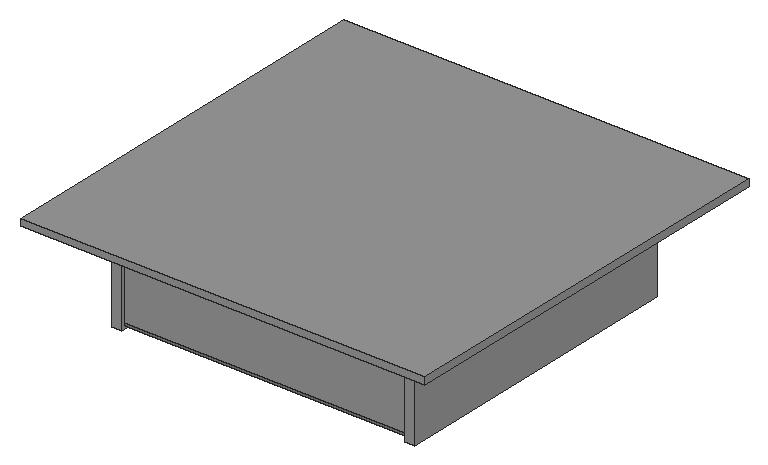
Revit family "Berica 2.0 M", category Lighting Fixtures, Revit 2020 (continued)
Definition of nested family "Light Source Berica 2.0"
  Types (4, lengths in mm): name | Photometric Web File | built-in parameter 1150142
      \n18.03 19.57 21.24 22.86 24.67 26.42 28.34 30.28 32.30 \r\n34.37 36.36 38.76 40.78 43.08 45.35 47.74 49.92 52.52 \r\n54.66 57.02 59.54 61.66 64.31 66.32 68.66 70.85 73.04 \r\n74.99 77.16 78.97 81.05 82.81 84.70 86.45 88.04 89.67 \r\n91.25 92.81 94.26 95.79 97.05 98.46 99.55 100.85 102.13 \r\n103.26 104.40 105.45 106.34 107.21 108.06 108.93 109.79 \r\n110.47 111.09 111.72 112.25 112.73 113.36 113.81 114.34 \r\n114.61 114.94 115.26 115.59 115.93 116.17 116.45 116.58 \r\n116.66 116.68 116.69 \r\n116.69 116.71 116.67 116.55 116.39 116.16 115.88 115.53 \r\n115.21 114.85 114.59 114.18 113.79 113.21 112.62 112.12 \r\n111.58 110.94 110.38 109.61 108.85 108.01 107.16 106.29 \r\n105.38 104.30 103.21 102.05 100.65 99.44 98.00 96.73 \r\n95.15 93.65 92.09 90.58 88.93 87.40 85.74 84.06 82.43 \r\n80.56 78.95 76.94 75.15 73.07 71.14 69.06 67.09 64.93 \r\n62.79 60.60 58.19 55.92 53.47 51.41 48.85 46.60 44.15 \r\n41.79 39.24 37.14 34.63 32.30 29.95 27.72 25.63 23.45 \r\n21.48 19.54 17.60 15.75 14.11 12.27 10.86 9.21 7.94 6.65 \r\n5.76 4.95 4.27 3.58 3.04 2.47 1.92 1.42 0.95 0.57 0.27 \r\n0.11 0.07 0.11 0.27 0.57 0.95 1.42 1.92 2.47 3.04 3.58 \r\n4.27 4.95 5.76 6.65 7.94 9.21 10.86 12.27 14.11 15.75 \r\n17.60 19.54 21.48 23.45 25.63 27.72 29.95 32.30 34.63 \r\n37.14 39.24 41.79 44.15 46.60 48.85 51.41 53.47 55.92 \r\n58.19 60.60 62.79 64.93 67.09 69.06 71.14 73.07 75.15 \r\n76.94 78.95 80.56 82.43 84.06 85.74 87.40 88.93 90.58 \r\n92.09 93.65 95.15 96.73 98.00 99.44 100.65 102.05 103.21 \r\n104.30 105.38 106.29 107.16 108.01 108.85 109.61 110.38 \r\n110.94 111.58 112.12 112.62 113.21 113.79 114.18 114.59 \r\n114.85 115.21 115.53 115.88 116.16 116.39 116.55 116.67 \r\n116.71 116.69 \r\n116.69 116.65 116.57 116.49 116.30 116.09 115.77 115.46 \r\n115.11 114.77 114.38 114.05 113.62 113.07 112.46 111.87 \r\n111.30 110.64 109.98 109.32 108.53 107.56 106.68 105.61 \r\n104.72 103.61 102.65 101.54 100.35 99.09 97.91 96.63 \r\n95.30 94.04 92.54 91.22 89.61 88.35 86.94 85.46 83.88 \r\n82.38 80.81 79.15 77.42 75.57 73.81 71.68 69.80 67.53 \r\n65.41 63.10 60.77 58.16 55.88 53.35 50.72 47.97 45.13 \r\n42.44 39.48 36.70 33.65 30.71 27.56 24.79 21.54 18.82 \r\n15.68 12.72 9.98 8.13 6.89 5.99 5.26 4.60 3.97 3.35 2.85 \r\n2.36 2.02 1.68 1.38 1.09 0.83 0.56 0.35 0.18 0.09 0.05 \r\n0.05 0.05 0.09 0.18 0.35 0.56 0.83 1.09 1.38 1.68 2.02 \r\n2.36 2.85 3.35 3.97 4.60 5.26 5.99 6.89 8.13 9.98 12.72 \r\n15.68 18.82 21.54 24.79 27.56 30.71 33.65 36.70 39.48 \r\n42.44 45.13 47.97 50.72 53.35 55.88 58.16 60.77 63.10 \r\n65.41 67.53 69.80 71.68 73.81 75.57 77.42 79.15 80.81 \r\n82.38 83.88 85.46 86.94 88.35 89.61 91.22 92.54 94.04 \r\n95.30 96.63 97.91 99.09 100.35 101.54 102.65 103.61 \r\n104.72 105.61 106.68 107.56 108.53 109.32 109.98 110.64 \r\n111.30 111.87 112.46 113.07 113.62 114.05 114.38 114.77 \r\n115.11 115.46 115.77 116.09 116.30 116.49 116.57 116.65 \r\n116.69 \r\n116.69 116.63 116.62 116.49 116.34 116.05 115.73 115.43 \r\n115.04 114.76 114.34 113.98 113.53 112.92 112.19 111.53 \r\n110.81 110.07 109.42 108.61 107.82 107.10 106.22 105.52 \r\n104.72 103.88 103.00 102.08 101.04 99.96 98.92 97.84 \r\n96.62 95.38 94.26 93.05 91.75 90.57 89.27 87.94 86.57 \r\n85.15 83.66 82.02 80.40 78.75 76.91 75.05 73.06 70.79 \r\n68.50 65.91 63.12 60.13 56.95 53.67 49.90 45.80 41.71 \r\n36.85 32.05 27.00 21.35 16.35 11.75 9.01 7.27 6.24 5.51 \r\n4.88 4.26 3.74 3.22 2.72 2.27 1.85 1.49 1.27 1.11 0.96 \r\n0.82 0.68 0.56 0.44 0.33 0.23 0.14 0.08 0.05 0.04 0.04 \r\n0.04 0.05 0.08 0.14 0.23 0.33 0.44 0.56 0.68 0.82 0.96 \r\n1.11 1.27 1.49 1.85 2.27 2.72 3.22 3.74 4.26 4.88 5.51 \r\n6.24 7.27 9.01 11.75 16.35 21.35 27.00 32.05 36.85 41.71 \r\n45.80 49.90 53.67 56.95 60.13 63.12 65.91 68.50 70.79 \r\n73.06 75.05 76.91 78.75 80.40 82.02 83.66 85.15 86.57 \r\n87.94 89.27 90.57 91.75 93.05 94.26 95.38 96.62 97.84 \r\n98.92 99.96 101.04 102.08 103.00 103.88 104.72 105.52 \r\n106.22 107.10 107.82 108.61 109.42 110.07 110.81 111.53 \r\n112.19 112.92 113.53 113.98 114.34 114.76 115.04 115.43 \r\n115.73 116.05 116.34 116.49 116.62 116.63 116.69 \r\n116.69 116.63 116.55 116.43 116.26 115.93 115.72 115.33 \r\n114.99 114.64 114.20 113.77 113.16 112.51 111.71 110.91 \r\n110.20 109.60 109.04 108.50 107.89 107.27 106.59 105.83 \r\n105.17 104.50 103.76 103.04 102.21 101.39 100.58 99.61 \r\n98.63 97.56 96.51 95.51 94.43 93.30 92.26 91.09 89.93 \r\n88.68 87.16 85.63 84.09 82.00 79.96 77.47 74.67 71.47 \r\n67.68 63.69 58.72 53.06 46.93 39.77 32.35 24.97 17.18 \r\n11.54 8.32 6.55 5.56 4.90 4.33 3.87 3.41 3.01 2.64 2.25 \r\n1.87 1.50 1.17 0.84 0.65 0.59 0.54 0.49 0.43 0.38 0.33 \r\n0.28 0.23 0.18 0.14 0.09 0.06 0.04 0.03 0.03 0.03 0.03 \r\n0.03 0.04 0.06 0.09 0.14 0.18 0.23 0.28 0.33 0.38 0.43 \r\n0.49 0.54 0.59 0.65 0.84 1.17 1.50 1.87 2.25 2.64 3.01 \r\n3.41 3.87 4.33 4.90 5.56 6.55 8.32 11.54 17.18 24.97 \r\n32.35 39.77 46.93 53.06 58.72 63.69 67.68 71.47 74.67 \r\n77.47 79.96 82.00 84.09 85.63 87.16 88.68 89.93 91.09 \r\n92.26 93.30 94.43 95.51 96.51 97.56 98.63 99.61 100.58 \r\n101.39 102.21 103.04 103.76 104.50 105.17 105.83 106.59 \r\n107.27 107.89 108.50 109.04 109.60 110.20 110.91 111.71 \r\n112.51 113.16 113.77 114.20 114.64 114.99 115.33 115.72 \r\n115.93 116.26 116.43 116.55 116.63 116.69 \r\n116.69 116.62 116.56 116.47 116.29 116.01 115.73 115.39 \r\n115.04 114.57 114.10 113.57 112.85 112.07 111.42 110.80 \r\n110.35 109.81 109.35 108.86 108.27 107.76 107.23 106.64 \r\n106.08 105.53 104.99 104.46 103.74 103.10 102.39 101.69 \r\n100.93 100.22 99.35 98.67 97.76 96.77 95.74 94.49 93.20 \r\n91.57 89.76 87.44 84.71 81.16 77.45 71.92 66.74 59.54 \r\n51.12 42.00 32.35 23.40 14.95 10.42 7.97 6.70 5.69 5.09 \r\n4.47 4.01 3.54 3.15 2.81 2.43 2.08 1.72 1.34 1.01 0.64 \r\n0.38 0.33 0.30 0.28 0.25 0.23 0.21 0.18 0.16 0.13 0.11 \r\n0.09 0.07 0.05 0.04 0.03 0.03 0.03 0.03 0.03 0.03 0.03 \r\n0.03 0.03 0.04 0.05 0.07 0.09 0.11 0.13 0.16 0.18 0.21 \r\n0.23 0.25 0.28 0.30 0.33 0.38 0.64 1.01 1.34 1.72 2.08 \r\n2.43 2.81 3.15 3.54 4.01 4.47 5.09 5.69 6.70 7.97 10.42 \r\n14.95 23.40 32.35 42.00 51.12 59.54 66.74 71.92 77.45 \r\n81.16 84.71 87.44 89.76 91.57 93.20 94.49 95.74 96.77 \r\n97.76 98.67 99.35 100.22 100.93 101.69 102.39 103.10 \r\n103.74 104.46 104.99 105.53 106.08 106.64 107.23 107.76 \r\n108.27 108.86 109.35 109.81 110.35 110.80 111.42 112.07 \r\n112.85 113.57 114.10 114.57 115.04 115.39 115.73 116.01 \r\n116.29 116.47 116.56 116.62 116.69 \r\n116.69 116.60 116.47 116.41 116.18 115.96 115.66 115.30 \r\n114.83 114.32 113.70 113.02 112.31 111.84 111.42 110.99 \r\n110.58 110.13 109.70 109.30 108.93 108.48 108.17 107.77 \r\n107.27 106.83 106.43 106.02 105.55 105.12 104.68 104.22 \r\n103.66 103.04 102.33 101.63 100.58 99.35 97.97 96.13 \r\n93.83 90.79 86.53 81.80 75.48 67.29 57.92 47.39 36.46 \r\n25.49 17.25 11.37 8.85 7.28 6.35 5.60 5.00 4.48 4.04 3.62 \r\n3.22 2.86 2.50 2.16 1.76 1.43 1.09 0.71 0.37 0.19 0.17 \r\n0.15 0.14 0.13 0.12 0.11 0.10 0.09 0.07 0.06 0.05 0.04 \r\n0.04 0.03 0.03 0.02 0.02 0.02 0.02 0.02 0.02 0.02 0.02 \r\n0.02 0.02 0.02 0.03 0.03 0.04 0.04 0.05 0.06 0.07 0.09 \r\n0.10 0.11 0.12 0.13 0.14 0.15 0.17 0.19 0.37 0.71 1.09 \r\n1.43 1.76 2.16 2.50 2.86 3.22 3.62 4.04 4.48 5.00 5.60 \r\n6.35 7.28 8.85 11.37 17.25 25.49 36.46 47.39 57.92 67.29 \r\n75.48 81.80 86.53 90.79 93.83 96.13 97.97 99.35 100.58 \r\n101.63 102.33 103.04 103.66 104.22 104.68 105.12 105.55 \r\n106.02 106.43 106.83 107.27 107.77 108.17 108.48 108.93 \r\n109.30 109.70 110.13 110.58 110.99 111.42 111.84 112.31 \r\n113.02 113.70 114.32 114.83 115.30 115.66 115.96 116.18 \r\n116.41 116.47 116.60 116.69 \r\n116.69 116.60 116.50 116.33 116.13 115.94 115.68 115.25 \r\n114.78 114.14 113.34 112.75 112.35 112.00 111.68 111.35 \r\n110.97 110.63 110.29 109.91 109.67 109.48 109.24 108.94 \r\n108.71 108.42 108.14 107.90 107.67 107.44 107.19 106.79 \r\n106.28 105.57 104.65 103.44 101.74 99.56 96.61 92.51 \r\n87.30 79.93 71.25 59.36 46.91 34.69 23.08 15.32 10.60 \r\n8.55 7.41 6.49 5.75 5.17 4.64 4.21 3.81 3.42 3.09 2.72 \r\n2.37 2.02 1.66 1.31 0.93 0.52 0.22 0.08 0.07 0.07 0.06 \r\n0.06 0.05 0.05 0.04 0.04 0.04 0.03 0.03 0.03 0.02 0.02 \r\n0.02 0.02 0.02 0.02 0.02 0.02 0.02 0.02 0.02 0.02 0.02 \r\n0.02 0.02 0.02 0.02 0.02 0.02 0.02 0.02 0.03 0.03 0.03 \r\n0.04 0.04 0.04 0.05 0.05 0.06 0.06 0.07 0.07 0.08 0.22 \r\n0.52 0.93 1.31 1.66 2.02 2.37 2.72 3.09 3.42 3.81 4.21 \r\n4.64 5.17 5.75 6.49 7.41 8.55 10.60 15.32 23.08 34.69 \r\n46.91 59.36 71.25 79.93 87.30 92.51 96.61 99.56 101.74 \r\n103.44 104.65 105.57 106.28 106.79 107.19 107.44 107.67 \r\n107.90 108.14 108.42 108.71 108.94 109.24 109.48 109.67 \r\n109.91 110.29 110.63 110.97 111.35 111.68 112.00 112.35 \r\n112.75 113.34 114.14 114.78 115.25 115.68 115.94 116.13 \r\n116.33 116.50 116.60 116.69 \r\n116.69 116.56 116.43 116.25 116.08 115.83 115.53 115.14 \r\n114.47 113.77 113.13 112.69 112.39 112.14 111.91 111.67 \r\n111.39 111.11 110.92 110.74 110.56 110.46 110.36 110.28 \r\n110.21 110.13 110.07 109.99 109.89 109.72 109.39 108.84 \r\n108.06 106.82 105.02 102.67 99.00 93.97 87.21 77.89 66.81 \r\n52.21 39.47 26.49 17.13 11.72 9.12 7.88 6.92 6.16 5.53 \r\n4.99 4.53 4.11 3.71 3.37 3.03 2.70 2.36 2.00 1.64 1.29 \r\n0.92 0.50 0.20 0.03 0.03 0.02 0.02 0.02 0.02 0.02 0.02 \r\n0.02 0.02 0.02 0.02 0.02 0.02 0.02 0.02 0.02 0.02 0.02 \r\n0.02 0.02 0.01 0.01 0.01 0.01 0.01 0.01 0.01 0.01 0.01 \r\n0.02 0.02 0.02 0.02 0.02 0.02 0.02 0.02 0.02 0.02 0.02 \r\n0.02 0.02 0.02 0.02 0.02 0.02 0.02 0.02 0.03 0.03 0.20 \r\n0.50 0.92 1.29 1.64 2.00 2.36 2.70 3.03 3.37 3.71 4.11 \r\n4.53 4.99 5.53 6.16 6.92 7.88 9.12 11.72 17.13 26.49 \r\n39.47 52.21 66.81 77.89 87.21 93.97 99.00 102.67 105.02 \r\n106.82 108.06 108.84 109.39 109.72 109.89 109.99 110.07 \r\n110.13 110.21 110.28 110.36 110.46 110.56 110.74 110.92 \r\n111.11 111.39 111.67 111.91 112.14 112.39 112.69 113.13 \r\n113.77 114.47 115.14 115.53 115.83 116.08 116.25 116.43 \r\n116.56 116.69 \r\n116.69 116.58 116.45 116.25 116.07 115.88 115.51 115.00 \r\n114.32 113.56 113.15 112.79 112.56 112.39 112.20 112.04 \r\n111.89 111.82 111.71 111.70 111.67 111.63 111.68 111.77 \r\n111.89 111.93 111.95 111.93 111.86 111.55 110.96 109.91 \r\n108.44 105.76 102.28 97.15 89.35 78.73 65.30 51.42 36.24 \r\n23.30 15.19 10.73 8.78 7.69 6.81 6.10 5.49 4.97 4.50 4.11 \r\n3.73 3.43 3.08 2.74 2.40 2.07 1.71 1.36 1.01 0.58 0.28 \r\n0.03 0.02 0.02 0.02 0.02 0.02 0.02 0.02 0.02 0.01 0.01 \r\n0.01 0.01 0.01 0.01 0.01 0.01 0.01 0.01 0.01 0.01 0.01 \r\n0.01 0.01 0.01 0.01 0.01 0.01 0.01 0.01 0.01 0.01 0.01 \r\n0.01 0.01 0.01 0.01 0.01 0.01 0.01 0.01 0.01 0.01 0.01 \r\n0.01 0.01 0.02 0.02 0.02 0.02 0.02 0.02 0.02 0.02 0.03 \r\n0.28 0.58 1.01 1.36 1.71 2.07 2.40 2.74 3.08 3.43 3.73 \r\n4.11 4.50 4.97 5.49 6.10 6.81 7.69 8.78 10.73 15.19 23.30 \r\n36.24 51.42 65.30 78.73 89.35 97.15 102.28 105.76 108.44 \r\n109.91 110.96 111.55 111.86 111.93 111.95 111.93 111.89 \r\n111.77 111.68 111.63 111.67 111.70 111.71 111.82 111.89 \r\n112.04 112.20 112.39 112.56 112.79 113.15 113.56 114.32 \r\n115.00 115.51 115.88 116.07 116.25 116.45 116.58 116.69 \r\n116.69 116.59 116.41 116.27 115.99 115.77 115.38 114.81 \r\n114.05 113.55 113.19 112.90 112.73 112.59 112.53 112.51 \r\n112.44 112.50 112.51 112.57 112.69 112.83 113.00 113.20 \r\n113.36 113.51 113.66 113.60 113.22 112.53 111.24 109.26 \r\n105.96 101.32 93.17 83.38 69.97 54.06 39.82 24.39 16.09 \r\n11.08 9.07 7.90 7.02 6.23 5.62 5.06 4.63 4.20 3.85 3.52 \r\n3.19 2.88 2.53 2.20 1.86 1.53 1.15 0.75 0.41 0.13 0.02 \r\n0.02 0.02 0.02 0.01 0.01 0.01 0.01 0.01 0.01 0.01 0.01 \r\n0.01 0.01 0.01 0.01 0.01 0.01 0.01 0.01 0.01 0.01 0.01 \r\n0.01 0.01 0.01 0.01 0.01 0.01 0.01 0.01 0.01 0.01 0.01 \r\n0.01 0.01 0.01 0.01 0.01 0.01 0.01 0.01 0.01 0.01 0.01 \r\n0.01 0.01 0.01 0.01 0.01 0.01 0.01 0.01 0.02 0.02 0.02 \r\n0.02 0.13 0.41 0.75 1.15 1.53 1.86 2.20 2.53 2.88 3.19 \r\n3.52 3.85 4.20 4.63 5.06 5.62 6.23 7.02 7.90 9.07 11.08 \r\n16.09 24.39 39.82 54.06 69.97 83.38 93.17 101.32 105.96 \r\n109.26 111.24 112.53 113.22 113.60 113.66 113.51 113.36 \r\n113.20 113.00 112.83 112.69 112.57 112.51 112.50 112.44 \r\n112.51 112.53 112.59 112.73 112.90 113.19 113.55 114.05 \r\n114.81 115.38 115.77 115.99 116.27 116.41 116.59 116.69 \r\n116.69 116.64 116.43 116.22 116.04 115.71 115.25 114.63 \r\n113.96 113.53 113.31 113.10 112.98 112.94 112.89 112.93 \r\n113.01 113.12 113.25 113.45 113.71 113.98 114.25 114.53 \r\n114.79 114.92 114.89 114.64 113.82 112.43 110.09 106.22 \r\n100.11 90.85 79.44 63.51 46.90 30.10 18.92 12.50 9.81 \r\n8.36 7.43 6.62 5.88 5.29 4.81 4.41 4.03 3.70 3.37 3.04 \r\n2.71 2.41 2.06 1.73 1.37 1.03 0.59 0.35 0.06 0.02 0.01 \r\n0.01 0.01 0.01 0.01 0.01 0.01 0.01 0.01 0.01 0.01 0.01 \r\n0.01 0.01 0.01 0.01 0.01 0.01 0.01 0.01 0.01 0.01 0.01 \r\n0.01 0.01 0.01 0.01 0.01 0.01 0.01 0.01 0.01 0.01 0.01 \r\n0.01 0.01 0.01 0.01 0.01 0.01 0.01 0.01 0.01 0.01 0.01 \r\n0.01 0.01 0.01 0.01 0.01 0.01 0.01 0.01 0.01 0.01 0.01 \r\n0.01 0.02 0.06 0.35 0.59 1.03 1.37 1.73 2.06 2.41 2.71 \r\n3.04 3.37 3.70 4.03 4.41 4.81 5.29 5.88 6.62 7.43 8.36 \r\n9.81 12.50 18.92 30.10 46.90 63.51 79.44 90.85 100.11 \r\n106.22 110.09 112.43 113.82 114.64 114.89 114.92 114.79 \r\n114.53 114.25 113.98 113.71 113.45 113.25 113.12 113.01 \r\n112.93 112.89 112.94 112.98 113.10 113.31 113.53 113.96 \r\n114.63 115.25 115.71 116.04 116.22 116.43 116.64 116.69 \r\n116.69 116.61 116.42 116.28 116.04 115.65 115.15 114.41 \r\n113.78 113.55 113.35 113.23 113.17 113.17 113.20 113.36 \r\n113.52 113.67 113.93 114.24 114.54 114.89 115.28 115.62 \r\n115.94 115.97 115.70 115.09 113.67 111.22 106.88 100.55 \r\n90.82 76.66 60.84 42.36 27.58 16.68 11.36 9.30 8.14 7.22 \r\n6.42 5.72 5.17 4.70 4.27 3.94 3.61 3.28 2.97 2.64 2.33 \r\n2.00 1.64 1.33 0.95 0.55 0.32 0.04 0.02 0.01 0.01 0.01 \r\n0.01 0.01 0.01 0.01 0.01 0.01 0.01 0.01 0.01 0.01 0.01 \r\n0.01 0.01 0.01 0.01 0.01 0.01 0.01 0.01 0.01 0.01 0.01 \r\n0.01 0.01 0.01 0.01 0.01 0.01 0.01 0.01 0.01 0.01 0.01 \r\n0.01 0.01 0.01 0.01 0.01 0.01 0.01 0.01 0.01 0.01 0.01 \r\n0.01 0.01 0.01 0.01 0.01 0.01 0.01 0.01 0.01 0.01 0.01 \r\n0.01 0.02 0.04 0.32 0.55 0.95 1.33 1.64 2.00 2.33 2.64 \r\n2.97 3.28 3.61 3.94 4.27 4.70 5.17 5.72 6.42 7.22 8.14 \r\n9.30 11.36 16.68 27.58 42.36 60.84 76.66 90.82 100.55 \r\n106.88 111.22 113.67 115.09 115.70 115.97 115.94 115.62 \r\n115.28 114.89 114.54 114.24 113.93 113.67 113.52 113.36 \r\n113.20 113.17 113.17 113.23 113.35 113.55 113.78 114.41 \r\n115.15 115.65 116.04 116.28 116.42 116.61 116.69 \r\n116.69 116.59 116.41 116.20 115.99 115.57 115.03 114.33 \r\n113.76 113.59 113.45 113.33 113.34 113.35 113.41 113.63 \r\n113.86 114.11 114.45 114.88 115.26 115.71 116.10 116.49 \r\n116.69 116.60 116.10 114.84 112.46 108.56 102.49 92.42 \r\n78.83 62.96 43.53 27.65 16.51 11.59 9.11 8.10 7.19 6.39 \r\n5.71 5.13 4.66 4.27 3.93 3.59 3.29 2.97 2.65 2.33 2.03 \r\n1.65 1.33 0.97 0.58 0.35 0.07 0.01 0.01 0.01 0.01 0.01 \r\n0.01 0.01 0.01 0.01 0.01 0.01 0.01 0.01 0.01 0.01 0.01 \r\n0.01 0.01 0.01 0.01 0.01 0.01 0.02 0.02 0.02 0.02 0.02 \r\n0.02 0.02 0.02 0.02 0.02 0.02 0.02 0.02 0.02 0.02 0.02 \r\n0.02 0.02 0.02 0.01 0.01 0.01 0.01 0.01 0.01 0.01 0.01 \r\n0.01 0.01 0.01 0.01 0.01 0.01 0.01 0.01 0.01 0.01 0.01 \r\n0.01 0.01 0.01 0.07 0.35 0.58 0.97 1.33 1.65 2.03 2.33 \r\n2.65 2.97 3.29 3.59 3.93 4.27 4.66 5.13 5.71 6.39 7.19 \r\n8.10 9.11 11.59 16.51 27.65 43.53 62.96 78.83 92.42 \r\n102.49 108.56 112.46 114.84 116.10 116.60 116.69 116.49 \r\n116.10 115.71 115.26 114.88 114.45 114.11 113.86 113.63 \r\n113.41 113.35 113.34 113.33 113.45 113.59 113.76 114.33 \r\n115.03 115.57 115.99 116.20 116.41 116.59 116.69 \r\n116.69 116.60 116.40 116.26 115.96 115.63 114.95 114.27 \r\n113.79 113.66 113.52 113.45 113.41 113.48 113.66 113.88 \r\n114.17 114.53 114.92 115.43 115.86 116.42 116.83 117.17 \r\n117.24 116.96 116.12 114.10 110.94 105.67 96.81 84.69 \r\n67.82 50.23 31.63 19.43 12.26 9.64 8.30 7.41 6.55 5.80 \r\n5.27 4.71 4.34 3.96 3.65 3.33 3.05 2.71 2.41 2.08 1.75 \r\n1.41 1.06 0.65 0.41 0.16 0.02 0.01 0.01 0.01 0.01 0.01 \r\n0.01 0.01 0.01 0.01 0.01 0.01 0.01 0.01 0.01 0.01 0.01 \r\n0.02 0.02 0.02 0.02 0.02 0.02 0.03 0.03 0.03 0.03 0.03 \r\n0.03 0.03 0.03 0.03 0.03 0.03 0.03 0.03 0.03 0.03 0.03 \r\n0.03 0.03 0.03 0.02 0.02 0.02 0.02 0.02 0.02 0.01 0.01 \r\n0.01 0.01 0.01 0.01 0.01 0.01 0.01 0.01 0.01 0.01 0.01 \r\n0.01 0.01 0.01 0.02 0.16 0.41 0.65 1.06 1.41 1.75 2.08 \r\n2.41 2.71 3.05 3.33 3.65 3.96 4.34 4.71 5.27 5.80 6.55 \r\n7.41 8.30 9.64 12.26 19.43 31.63 50.23 67.82 84.69 96.81 \r\n105.67 110.94 114.10 116.12 116.96 117.24 117.17 116.83 \r\n116.42 115.86 115.43 114.92 114.53 114.17 113.88 113.66 \r\n113.48 113.41 113.45 113.52 113.66 113.79 114.27 114.95 \r\n11
